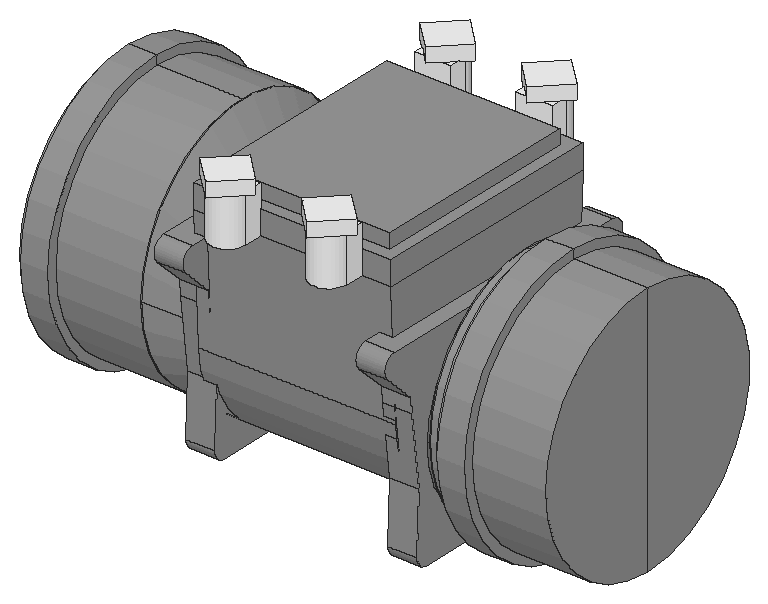
Revit family "HL_RU_Anti-flooding valve_HL720-A-171212", category Příslušenství trubek, Revit 2021
Family settings
  Kóta kulaté spojky = Použít průměr
  Typ dílu = Normální
  Číslo OmniClass = 23.65.55.14.21
  Nadpis OmniClass = Non-Return Valves for Liquid Services
  Založené na pracovní rovině = Ne
  Vždy vertikální = Ano
  Ořezat dutým tvarem při načtení = Ne
  Sdílené = Ne
Parameters (values of type "HL_Механический канализационный затвор_HL720")
  РАЗМЕР = "DN200"
  ПРОПУСКНАЯ СПОСОБНОСТЬ [instance] = 0.0 m³/h
  ПРАВОВАЯ ИНФОРМАЦИЯ = "\"Авторские права(©), права на дизайн или какие либо другие права интелектуальной собственности являются исключительной собственностью компании HL Hutterer & Lechner. Изменению не подлежит. Файл семейства с данными о прозводителе изделия защищен паролем с водяным знаком.\""
  ПАДЕНИЕ ДАВЛЕНИЯ [instance] = 0.0 Pa
  НОМИНАЛЬНЫЙ ДИАМЕТР 2 = 200 mm
  НОМИНАЛЬНЫЙ ДИАМЕТР = 200 mm
  МАТЕРИАЛ = "ABS"
  ВЫСОТА МОНТАЖА = "246 mm"
  ВЕС = "4,06 kg"
  Výrobce = "HL Hutterer & Lechner GmbH"
  Výchozí výška = 0 mm
  URL = "http://www.hutterer-lechner.com/ru/products/catalog/roof-drains/HL720.aspx"
  Popis = "Механический канализационный затвор"
  Model = "HL720"
  Komentáře k typům = "Механический канализационный затвор DN200 с автоматической заслонкой из нержавеющей стали."
  Keynote = "HL720"
  EAN = "9003076907205"
  Cena = 0
Types (2, lengths in mm): name | URL | Popis | Komentáře k typům
  (no name) | "http://www.hutterer-lechner.com/en/products/catalog/roof-drains/HL720.aspx" | "Anti flood valves" | "anti-flood valve DN200 with stainless steel flap"
  HL_Механический канализационный затвор_HL720 | "http://www.hutterer-lechner.com/ru/products/catalog/roof-drains/HL720.aspx" | "Механический канализационный затвор" | "Механический канализационный затвор DN200 с автоматической заслонкой из нержавеющей стали."
Values of the unnamed type that differ from the named types
  ПРАВОВАЯ ИНФОРМАЦИЯ = "\"Copyright (©), design rights or any other intellectual property rights, shall be the exclusive property of HL Hutterer & Lechner GmbH. Modification is not allowed. Family has been watermarked.\""
Reference planes
  plane 1 "Střed (vpředu/vzadu)": y = 0
  plane 2: z = 0
  plane 3 "Střed (vlevo/vpravo)": x = 0
Forms (mm)
  Extrusion 1, solid, material "Plastic - Orange", detail levels fine
    sketch origin (127, 0, 111.5) x (1, 0, 0) y (0, 1, 0)
      loop
        line (70, -88.309) -> (70, 88.309) -> (-73, 88.309) -> (-73, -88.309) -> (70, -88.309)
    from -12 to 0
  Extrusion 2, solid, material "Plastic - Orange", detail levels fine
    sketch origin (127, 0, 99.5) x (0, 1, 0) y (1, 0, 0)
      loop
        line (99.13, -83) -> (99.13, 80) -> (-98.87, 80) -> (-98.87, -83) -> (99.13, -83)
    from 0 to 20
  Sweep 3, solid, material "Plastic - Orange", detail levels fine
    path origin (127, 0, 111.5) x (1, 0, 0) y (0, 0, 1)
      loop
        line (80, -32) -> (-83, -32)
    profile origin (125.5, 0, 79.5) x (0, 0, -1) y (0, -1, 0)
      loop
        line (0, -99.13) -> (104.005, -94.138)
        arc (104.005, -94.138) -> (166.421, -64.809) -> (189.998, 0) r 90.409
        arc (189.998, 0) -> (166.421, 64.809) -> (104.005, 94.138) r 90.409
        line (104.005, 94.138) -> (0, 99.13) -> (0, 0) -> (0, -99.13)
  Extrusion 4, solid, material "Plactic - White", detail levels fine
    sketch origin (127, 0, 111.5) x (1, 0, 0) y (0, 1, 0)
      loop
        line (40.5, -136.497) -> (63.127, -113.87) -> (40.5, -91.242) -> (17.873, -113.87) -> (40.5, -136.497)
    from 7.235 to 19.235
  Extrusion 5, solid, material "Plactic - White", detail levels fine
    sketch origin (127, 0, 118.735) x (0, 1, 0) y (1, 0, 0)
      loop
        arc (-113.87, 55.5) -> (-128.87, 40.5) -> (-113.87, 25.5) r 15
        line (-113.87, 25.5) -> (-98.52, 25.5) -> (-98.52, 55.5) -> (-113.87, 55.5)
    from 0 to 39.235
  Extrusion 6, solid, material "Plactic - White", detail levels fine
    sketch origin (43, 0, 111.5) x (1, 0, 0) y (0, 1, 0)
      loop
        line (40.5, -136.497) -> (63.127, -113.87) -> (40.5, -91.242) -> (17.873, -113.87) -> (40.5, -136.497)
    from 7.235 to 19.235
  Extrusion 7, solid, material "Plactic - White", detail levels fine
    sketch origin (43, 0, 118.735) x (0, 1, 0) y (1, 0, 0)
      loop
        arc (-113.87, 55.5) -> (-128.87, 40.5) -> (-113.87, 25.5) r 15
        line (-113.87, 25.5) -> (-98.52, 25.5) -> (-98.52, 55.5) -> (-113.87, 55.5)
    from 0 to 39.235
  Extrusion 8, solid, material "Plactic - White", detail levels fine
    sketch origin (127, 0, 111.5) x (1, 0, 0) y (0, 1, 0)
      loop
        line (40.5, 136.497) -> (17.873, 113.87) -> (40.5, 91.242) -> (63.127, 113.87) -> (40.5, 136.497)
    from 7.235 to 19.235
  Extrusion 9, solid, material "Plactic - White", detail levels fine
    sketch origin (127, 0, 118.735) x (0, -1, 0) y (1, 0, 0)
      loop
        arc (-113.87, 55.5) -> (-128.87, 40.5) -> (-113.87, 25.5) r 15
        line (-113.87, 25.5) -> (-98.52, 25.5) -> (-98.52, 55.5) -> (-113.87, 55.5)
    from 0 to 39.235
  Extrusion 10, solid, material "Plactic - White", detail levels fine
    sketch origin (43, 0, 111.5) x (1, 0, 0) y (0, 1, 0)
      loop
        line (40.5, 136.497) -> (17.873, 113.87) -> (40.5, 91.242) -> (63.127, 113.87) -> (40.5, 136.497)
    from 7.235 to 19.235
  Extrusion 11, solid, material "Plactic - White", detail levels fine
    sketch origin (43, 0, 118.735) x (0, -1, 0) y (1, 0, 0)
      loop
        arc (-113.87, 55.5) -> (-128.87, 40.5) -> (-113.87, 25.5) r 15
        line (-113.87, 25.5) -> (-98.52, 25.5) -> (-98.52, 55.5) -> (-113.87, 55.5)
    from 0 to 39.235
  Extrusion 12, solid, material "Plastic - Orange", detail levels fine
    sketch origin (127, 0, 111.5) x (0, 1, 0) y (0, 0, 1)
      loop
        arc (-112.5, -69.599) -> (-121.739, -75.772) -> (-119.571, -86.67) r 10
        line (-119.571, -86.67) -> (-96.14, -110.101) -> (-95.533, -122.745) -> (-88.249, -181.291) -> (-90.006, -231.593)
        arc (-90.006, -231.593) -> (-87.075, -238.668) -> (-80, -241.599) r 10.006
        line (-80, -241.599) -> (0, -241.599) -> (80, -241.599)
        arc (80, -241.599) -> (87.075, -238.668) -> (90.006, -231.593) r 10.006
        line (90.006, -231.593) -> (88.249, -181.291) -> (95.533, -122.745) -> (96.14, -110.101) -> (119.571, -86.67)
        arc (119.571, -86.67) -> (121.739, -75.772) -> (112.5, -69.599) r 10
        line (112.5, -69.599) -> (0, -69.599) -> (-112.5, -69.599)
    from 70 to 94
  Extrusion 13, solid, material "Plastic - Orange", detail levels fine
    sketch origin (127, 0, 132.099) x (0, 1, 0) y (0, 0, 1)
      loop
        arc (-112.5, -69.599) -> (-121.739, -75.772) -> (-119.571, -86.67) r 10
        line (-119.571, -86.67) -> (-96.14, -110.101) -> (-95.533, -122.745) -> (-88.249, -181.291) -> (-90.006, -231.593)
        arc (-90.006, -231.593) -> (-87.075, -238.668) -> (-80, -241.599) r 10.006
        line (-80, -241.599) -> (0, -241.599) -> (80, -241.599)
        arc (80, -241.599) -> (87.075, -238.668) -> (90.006, -231.593) r 10.006
        line (90.006, -231.593) -> (88.249, -181.291) -> (95.533, -122.745) -> (96.14, -110.101) -> (119.571, -86.67)
        arc (119.571, -86.67) -> (121.739, -75.772) -> (112.5, -69.599) r 10
        line (112.5, -69.599) -> (0, -69.599) -> (-112.5, -69.599)
    from -97 to -73
  Revolve 14, solid, material "Plastic - Orange", detail levels fine
    sketch origin (127, 0, 111.5) x (1, 0, 0) y (0, 0, 1)
      loop
        line (-222, -111.5) -> (-122, -111.5) -> (-122, -6.5) -> (-193, -6.5) -> (-193, 0.981) -> (-215.833, 0.981) -> (-215.833, -6.5) -> (-222, -6.5) -> (-222, -111.5)
      axis (-122, -111.5) -> (-222, -111.5)
    angle from 0 to 360
  Blend 15, solid, material "Plastic - Orange", detail levels fine
    base sketch origin (127, 0, 111.5) x (0, 1, 0) y (0, 0, 1)
      loop
        circle (0, -111.5) r 105
    top sketch origin (0, 0, 111.5) x (0, 1, 0) y (0, 0, 1)
      loop
        circle (0, -129) r 80
    from -122 to 30
  Blend 16, solid, material "Plastic - Orange", detail levels fine
    base sketch origin (127, 0, 88.46) x (0, 1, 0) y (0, 0, -1)
      loop
        circle (0, 111.5) r 100
    top sketch origin (127, 0, 88.46) x (0, 1, 0) y (0, 0, -1)
      loop
        circle (0, 129) r 80
    from -112.862 to -94
  Extrusion 17, solid, material "Plastic - Orange", not visible, detail levels fine
    sketch origin (239.862, 0, 73.172) x (0, -1, 0) y (0, 0, -1)
      loop
        circle (0, 96.212) r 100
    from 0 to 100
  Revolve 18, solid, material "Plastic - Orange", detail levels fine
    sketch origin (471.862, 0, 88.46) x (1, 0, 0) y (0, 0, 1)
      loop
        line (-232, -111.5) -> (-132, -111.5) -> (-132, -6.5) -> (-193, -6.5) -> (-193, 0.981) -> (-215.833, 0.981) -> (-215.833, -6.5) -> (-222, -6.5) -> (-222, -11.5) -> (-232, -11.5) -> (-232, -111.5)
      axis (-132, -111.5) -> (-232, -111.5)
    angle from 0 to 360
Lines and regions (mm)
  model lines, style "Symbol", detail levels coarse+medium
    curve 1: line (0, 0, 0) -> (339.862, 0, -23.04)
    curve 2: line (293.434, 0, -74.639) -> (293.434, 0, 45.361)
    curve 3: line (293.434, 0, -74.639) -> (43.434, 0, -74.639)
    curve 4: line (43.434, 0, -74.639) -> (43.434, 0, 45.361)
    curve 5: line (43.434, 0, 45.361) -> (293.434, 0, 45.361)
  symbolic lines, style "Symbol", detail levels coarse+medium
    curve 6: line (339.862, 0, 0) -> (0, 0, 0)
    curve 7: line (294.931, -60, 0) -> (294.931, 60, 0)
    curve 8: line (294.931, -60, 0) -> (44.931, -60, 0)
    curve 9: line (44.931, -60, 0) -> (44.931, 60, 0)
    curve 10: line (44.931, 60, 0) -> (294.931, 60, 0)
    curve 11: line (169.931, -105, 0) -> (169.931, 105, 0)
  model lines, detail levels coarse+medium
    curve 12: line (160.622, 0, -10.889) -> (160.622, 0, 94.111)
    curve 13: line (160.622, 0, -115.889) -> (160.622, 0, -10.889)
Dimensions and locks
  aligned and locked: level to plane 2
Connectors
  piping at (0, 0, 0), diameter 200, driven by "ПАДЕНИЕ ДАВЛЕНИЯ", driven by "НОМИНАЛЬНЫЙ ДИАМЕТР", driven by "ПРОПУСКНАЯ СПОСОБНОСТЬ"
    settings: on plane 3 "Střed (vlevo/vpravo)", index 1, connector inside diameter 609.6 mm, connector length 0 mm, flow factor 0, pipe flow 0.0 m³/h, pressure drop 0.0 Pa, fitting loss kfactor 0, connector angle 0.00°, fixture units 0, engagement length 0 mm, angle of deflection 0.00°, flow configuration 0, flow direction 0, fitting loss method 4, system type 16, joint type 0, gender type 0, connector reference index -1, connector utility 0, adjustable connector no, is connector primary yes, connector description ""
  piping at (339.862, 0, -23.04), diameter 200, driven by "НОМИНАЛЬНЫЙ ДИАМЕТР 2", driven by "ПРОПУСКНАЯ СПОСОБНОСТЬ"
    settings: on Extrusion 17, index 2, connector inside diameter 609.6 mm, connector length 0 mm, flow factor 0, pipe flow 0.0 m³/h, pressure drop 0.0 Pa, fitting loss kfactor 0, connector angle 0.00°, fixture units 0, engagement length 0 mm, angle of deflection 0.00°, flow configuration 1, flow direction 2, fitting loss method 4, system type 16, joint type 0, gender type 0, connector reference index -1, connector utility 0, adjustable connector no, is connector primary no, connector description ""
